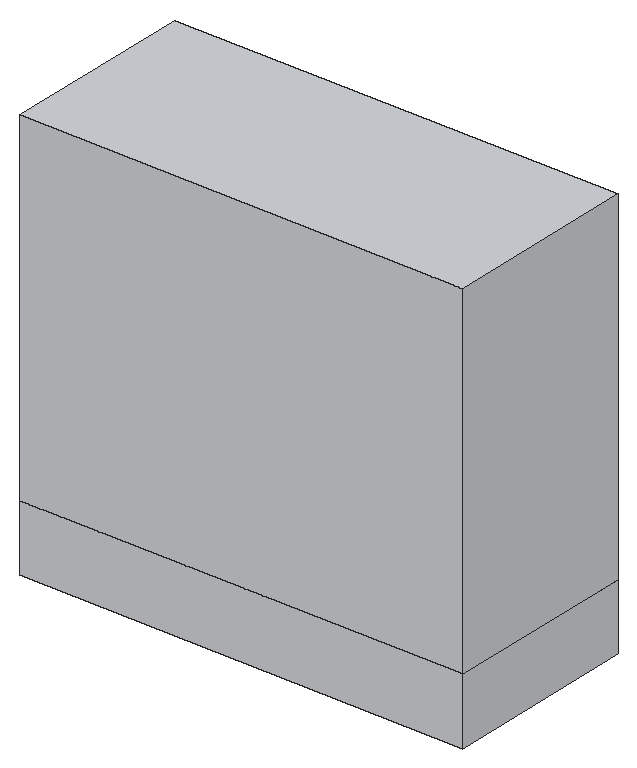
Revit family "Entrada de Ar AHU - HDT", category Equipamento mecânico, Revit 2019
Family settings
  Cota do conector redondo = Utilizar diâmetro
  Tipo de parte = Normal
  ID de item do Seek = AHU Mixing Box - Economizer-0000-CAN-ENU
  Com base no plano de trabalho = Não
  Sempre na vertical = Sim
  Corte com vazios quando carregada = Não
  Compartilhado = Não
  Ponto de cálculo do ambiente = Não
Parameters (values of type "Padrão")
  Largura de saída do ar de fornecimento = 800 mm
  Altura de saída do ar de fornecimento = 625 mm
  Fluxo de saída do ar de fornecimento [instance] = 849.0 L/s
  Largura da caixa de entrada = 350 mm
  Comprimento da caixa de entrada = 800 mm
  Altura da caixa de entrada = 745 mm
  Largura da entrada de ar fresco = 500 mm
  Altura da entrada de ar fresco = 500 mm
  Fluxo da entrada de ar fresco [instance] = 170.0 L/s
  Material da caixa de entrada = none
  Material base = none
  Altura base = 120 mm
  Queda de pressão do ar [instance] = 187.0 Pa
Reference planes
  plane 1 "Parte frontal": y = 0
  plane 2 "Inferior": z = 0
  plane 3 "Centro (direita/esquerda)": x = 0
  plane 4 "Parte posterior": y = 350
  plane 5 "Esquerda": x = -400
  plane 6 "Direita": x = 400
  plane 7 "Superior": z = 745
  plane 8 "Base": z = 120
  plane 9 "Centro (Frente/Trás)": y = 175
Forms (mm)
  Extrusion 1, solid, material <- "Material da caixa de entrada"
    sketch origin (0, 0, 0) x (1, 0, 0) y (0, 1, 0)
      loop
        line (-400, 350) -> (-400, 0) -> (400, 0) -> (400, 350) -> (-400, 350)
    from 120 to 745
  Extrusion 2, solid, material <- "Material base"
    sketch origin (0, 0, 0) x (1, 0, 0) y (0, 1, 0)
      loop
        line (-400, 350) -> (-400, 0) -> (400, 0) -> (400, 350) -> (-400, 350)
    from 0 to 120
Dimensions and locks
  equal spacing: plane 5 "Esquerda", plane 3 "Centro (direita/esquerda)", plane 6 "Direita"
  "Comprimento da caixa de entrada": plane 5 "Esquerda" to plane 6 "Direita"
  "Largura da caixa de entrada": plane 1 "Parte frontal" to plane 4 "Parte posterior"
  "Altura da caixa de entrada": plane 7 "Superior" to plane 2 "Inferior"
  "Altura base": plane 8 "Base" to plane 2 "Inferior"
  equal spacing: plane 4 "Parte posterior", plane 9 "Centro (Frente/Trás)", plane 1 "Parte frontal"
  aligned and locked: plane 5 "Esquerda" to Extrusion 1 sketch curve
  aligned and locked: Extrusion 1 sketch curve to plane 4 "Parte posterior"
  aligned and locked: plane 1 "Parte frontal" to Extrusion 1 sketch curve
  aligned and locked: Extrusion 1 sketch curve to plane 6 "Direita"
  aligned and locked: plane 7 "Superior" to Extrusion 1
  aligned and locked: plane 8 "Base" to Extrusion 2
  aligned and locked: Extrusion 2 to plane 2 "Inferior"
  aligned and locked: Extrusion 1 to plane 8 "Base"
Automatic sketch dimensions
  plane 1 "Parte frontal" to Extrusion 2 sketch curve = 0 mm
  Extrusion 2 sketch curve to plane 5 "Esquerda" = 0 mm
  Extrusion 2 sketch curve to plane 6 "Direita" = 0 mm
  Extrusion 2 sketch curve to plane 4 "Parte posterior" = 0 mm
Connectors
  hvac at (0, 0, 432.5), driven by "Queda de pressão do ar", driven by "Fluxo de saída do ar de fornecimento", driven by "Altura de saída do ar de fornecimento", driven by "Largura de saída do ar de fornecimento"
    settings: on Extrusion 1, index 3, duct flow 849.0 L/s, flow factor 0, pres drop 187.0 Pa, loss coef 0, conn angle 0.00°, conn width 800 mm, conn height 625 mm, conn diameter 609.6 mm, duct sys type 1, conn prof type 1, flow config 0, flow direction 2, loss method 4, conn ref index 4, conn util no, is conn primary yes, conn desc "Saída de suprimento de ar"
  hvac at (0, 350, 432.5), driven by "Fluxo da entrada de ar fresco", driven by "Altura da entrada de ar fresco", driven by "Largura da entrada de ar fresco"
    settings: on Extrusion 1, index 4, duct flow 170.0 L/s, flow factor 0, pres drop 0.0 Pa, loss coef 0, conn angle 0.00°, conn width 500 mm, conn height 500 mm, conn diameter 609.6 mm, duct sys type 2, conn prof type 1, flow config 0, flow direction 1, loss method 0, conn ref index 3, conn util no, is conn primary no, conn desc "Entrada de ar fresco"
Types in the file's own list only (18): name | Largura de saída do ar de fornecimento | Altura de saída do ar de fornecimento | Comprimento da caixa de entrada | Altura da caixa de entrada | Largura da entrada de ar fresco | Altura da entrada de ar fresco
  Para 0.24 metros quadrados de serpentina | 800 mm | 625 mm | 800 mm | 745 mm | 700 mm | 525 mm
  Para 0.31 metros quadrados de serpentina | 975 mm | 625 mm | 975 mm | 745 mm | 875 mm | 525 mm
  Para 0.47 metros quadrados de serpentina | 1325 mm | 625 mm | 1325 mm | 745 mm | 1225 mm | 525 mm
  Para 0.67 metros quadrados de serpentina | 1325 mm | 800 mm | 1325 mm | 920 mm | 1225 mm | 700 mm
  Para 0.78 metros quadrados de serpentina | 1500 mm | 800 mm | 1500 mm | 920 mm | 1400 mm | 700 mm
  Para 0.98 metros quadrados de serpentina | 1500 mm | 975 mm | 1500 mm | 1095 mm | 1400 mm | 875 mm
  Para 1.13 metros quadrados de serpentina | 1675 mm | 975 mm | 1675 mm | 1095 mm | 1575 mm | 875 mm
  Para 1.57 metros quadrados de serpentina | 1850 mm | 1150 mm | 1850 mm | 1270 mm | 1575 mm | 1050 mm
  Para 1.88 metros quadrados de serpentina | 1675 mm | 1500 mm | 1675 mm | 1620 mm | 1750 mm | 1400 mm
  Para 2.12 metros quadrados de serpentina | 1850 mm | 1500 mm | 1850 mm | 1620 mm | 1750 mm | 1400 mm
  Para 2.44 metros quadrados de serpentina | 2025 mm | 1675 mm | 2025 mm | 1795 mm | 1925 mm | 1575 mm
  Para 2.88 metros quadrados de serpentina | 2025 mm | 1850 mm | 2025 mm | 1970 mm | 1925 mm | 1750 mm
  Para 3.17 metros quadrados de serpentina | 2200 mm | 1850 mm | 2200 mm | 1970 mm | 2100 mm | 1750 mm
  Para 3.46 metros quadrados de serpentina | 2375 mm | 1850 mm | 2375 mm | 1970 mm | 2275 mm | 1750 mm
  Para 3.86 metros quadrados de serpentina | 2375 mm | 2025 mm | 2375 mm | 2145 mm | 2275 mm | 1925 mm
  Para 4.19 metros quadrados de serpentina | 2375 mm | 2200 mm | 2375 mm | 2320 mm | 2275 mm | 2100 mm
  Para 5.25 metros quadrados de serpentina | 2900 mm | 2200 mm | 2900 mm | 2320 mm | 2800 mm | 2100 mm
  Para 6.16 metros quadrados de serpentina | 2900 mm | 2550 mm | 2900 mm | 2670 mm | 2800 mm | 2450 mm
